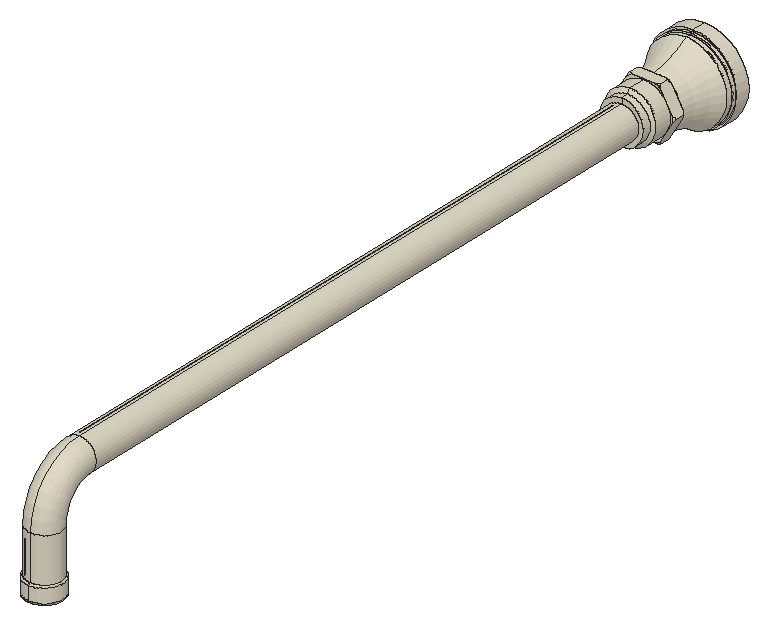
Revit family "Reece_Shower_Kado_Era_Shower Arm_Wall Straight", category Plumbing Fixtures, Revit 2018
Family settings
  Round Connector Dimension = Use Diameter
  Part Type = Normal
  Work Plane-Based = Yes
  Always vertical = Yes
  Cut with Voids When Loaded = Yes
  Shared = Yes
  Room Calculation Point = Yes
Parameters (values of type "Brass Gold")
  URL = "www.reece.com.au/product/-4200393"
  Type Comments = "Shower"
  Reece_Shower_Reach = 60 mm  # constant formula
  Reece_Product_Web Page = "www.reece.com.au/product/-4200393"
  Reece_Product_Type = "Shower"  # constant formula
  Reece_Product_Sub Brand = "Era"  # constant formula
  Reece_Product_Number = "4200393"
  Reece_Product_Mount = "Wall Mounted"
  Reece_Product_Description = "Kado Era Wall Straight Shower Arm 450mm Brass Gold (4 Star)"
  Reece_Product_Brand = "Kado"  # constant formula
  Reece_Overall_Length = 470 mm  # constant formula
  Reece_Overall_Diameter = 50 mm  # constant formula
  Reece_Material_Main = Reece_Brass_Gold
  Reece_Height_From_Level [instance] = 1200 mm
  Reece_Detail_Shape = ""
  Reece_Detail_Installation = ""
  Reece_Detail_Disclaimer = "THIS FILE IS THE PROPERTY OF THE REECE GROUP. IT MAY NOT BE REPRODUCED, REVERSE-ENGINEERED OR MODIFIED. ANY REPUBLICATION, TRANSMISSION OR DISTRIBUTION FOR THE PURPOSE OF COMMERCIALLY EXPLOITING THE FILES IS PROHIBITED."  # constant formula
  Reece_Detail_Connector = ""
  Reece_Detail_Additional = "Wall Straight"  # constant formula
  Model = "Era"
  Manufacturer = "Kado"
  Keynote = "Product #4200393, Reece_Shower_Kado_Era_Shower Arm_Wall Straight - Brass Gold"
  Disclaimer = "THIS FILE IS THE PROPERTY OF THE REECE GROUP. IT MAY NOT BE REPRODUCED, REVERSE-ENGINEERED OR MODIFIED. ANY REPUBLICATION, TRANSMISSION OR DISTRIBUTION FOR THE PURPOSE OF COMMERCIALLY EXPLOITING THE FILES IS PROHIBITED."  # constant formula
  Description = "Kado Era Wall Straight Shower Arm 470mm Brass Gold"
  Default Elevation = 0 mm
Types (4, lengths in mm): name | URL | Reece_Product_Web Page | Reece_Product_Number | Reece_Product_Description | Reece_Material_Main | Keynote | Description
  Brass Gold | "www.reece.com.au/product/-4200393" | "www.reece.com.au/product/-4200393" | "4200393" | "Kado Era Wall Straight Shower Arm 450mm Brass Gold (4 Star)" | Reece_Brass_Gold | "Product #4200393, Reece_Shower_Kado_Era_Shower Arm_Wall Straight - Brass Gold" | "Kado Era Wall Straight Shower Arm 470mm Brass Gold"
  Chrome | "www.reece.com.au/product/-4200394" | "www.reece.com.au/product/-4200394" | "4200394" | "Kado Era Wall Straight Shower Arm 450mm Chrome (4 Star)" | Reece_Brass_Chrome | "Product #4200394, Reece_Shower_Kado_Era_Shower Arm_Wall Straight - Chrome" | "Kado Era Wall Straight Shower Arm 470mm Chrome"
  Matte Black | "www.reece.com.au/product/-4200395" | "www.reece.com.au/product/-4200395" | "4200395" | "Kado Era Wall Straight Shower Arm 450mm Matte Black (4 Star)" | Reece_Brass_Matte Black | "Product #4200395, Reece_Shower_Kado_Era_Shower Arm_Wall Straight - Matte Black" | "Kado Era Wall Straight Shower Arm 470mm Matte Black"
  Brushed Nickel | "www.reece.com.au/product/-9512102" | "www.reece.com.au/product/-9512102" | "9512102" | "Kado Era Wall Straight Shower Arm 450mm Brushed Nickel (4 Star)" | Reece_Brass_Brushed Nickel | "Product #9512102, Reece_Shower_Kado_Era_Shower Arm_Wall Straight - Brushed Nickel" | "Kado Era Wall Straight Shower Arm 470mm Brushed Nickel (4 Star)"
Reference planes
  plane 1 "Center (Front/Back)": y = 0
  plane 2 "Height From Floor": z = 1200
  plane 3 "Center (Left/Right)": x = 0
  plane 4 "Bottom Of Invisible Line": z = -5
  plane 5: x = -25.205
  plane 6: x = 24.795
  plane 7: y = -470
  plane 8: z = 1140
Forms (mm)
  Sweep 1, solid, material "Reece_Brass_Gold" <- "Reece_Material_Main"
    path origin (0, 0, 1200) x (0, 0, 1) y (0, -1, 0)
      loop
        line (0, 59) -> (0, 445)
        arc (0, 445) -> (-7.322, 462.678) -> (-25, 470) r 25
        line (-25, 470) -> (-51.112, 470)
    profile origin (0, -252, 1200) x (0, 0, -1) y (1, 0, 0)
      loop
        circle (0, 0) r 9.5
      loop
        circle (0, 0) r 8.5
  Revolve 2, solid, material "Reece_Brass_Gold" <- "Reece_Material_Main"
    sketch origin (0, 0, 1200) x (0, 0, 1) y (0, -1, 0)
      loop
        line (-50.357, 470) -> (-50.357, 479.914)
        arc (-50.357, 479.914) -> (-50.585, 480.464) -> (-51.135, 480.691) r 0.778
        line (-51.135, 480.691) -> (-59.2, 480.691)
        arc (-59.2, 480.691) -> (-59.765, 480.457) -> (-59.999, 479.892) r 0.799
        line (-59.999, 479.892) -> (-59.028, 479.892) -> (-59.028, 470) -> (-50.357, 470)
      axis (-50.357, 470) -> (-59.999, 470)
    angle from 0 to 360
  Revolve 3, solid, material "Reece_Brass_Gold" <- "Reece_Material_Main"
    sketch origin (0, 0, 0) x (0, 1, 0) y (0, 0, 1)
      loop
        line (0, 1200) -> (0, 1225) -> (-8, 1225) -> (-8, 1224) -> (-10, 1224) -> (-10, 1223.2) -> (-12.8, 1223.2)
        arc (-12.8, 1223.2) -> (-23.351, 1217.474) -> (-35.063, 1214.841) r 43.621
        line (-35.063, 1214.841) -> (-35.063, 1212) -> (-36.063, 1212) -> (-36.063, 1216.607) -> (-37.024, 1217.568) -> (-42.101, 1217.568) -> (-43.062, 1216.607) -> (-43.062, 1214.782) -> (-52.863, 1214.782) -> (-54.563, 1212.5) -> (-59, 1212.5) -> (-59, 1200) -> (0, 1200)
      axis (0, 1200) -> (-59, 1200)
    angle from 0 to 360
  Extrusion 4, solid
    sketch origin (0, 0, 0) x (1, 0, 0) y (0, 0, 1)
      loop
        circle (0, 1200) r 10
    from 0 to 3.162
  Extrusion 5, void
    sketch origin (0, 0.961, 1200) x (1, 0, 0) y (0, 0, 1)
      loop
        line (-8.784, 15.214) -> (-17.568, 0) -> (-8.784, -15.214) -> (8.784, -15.214) -> (17.568, 0) -> (8.784, 15.214) -> (-8.784, 15.214)
      loop
        circle (0, 0) r 19.439
    from 37.024 to 44.024
Cuts and joins
  Extrusion 5 cuts Sweep 1
  Extrusion 5 cuts Revolve 3
  joined: Sweep 1, Revolve 2, Revolve 3
Lines and regions (mm)
  model lines, style "InvisibleLines"
    curve 1: line (0, 0, -5) -> (0, 0, 1200)
Text (mm)
  text "Reece ©" at (2358.539, -2170.843, 3487.43), in view "Reece Preview"
  text "Reece Copyright © 2018, Reece Ltd." at (74.474, -416.418, 0), in view "Ref. Level"
Dimensions and locks
  level to plane 2 "Height From Floor" = 1200 mm
  locked: level to plane 4 "Bottom Of Invisible Line" at 5
  "Reece_Height_From_Level": plane 2 "Height From Floor" to level
  "Reece_Overall_Diameter": plane 5 to plane 6
  "Reece_Overall_Length": plane 7 to plane 1 "Center (Front/Back)"
  plane 5 to plane 6 = 50 mm  (x2)
  plane 2 "Height From Floor" to level = 1200 mm
  "Reece_Overall_Length": plane 1 "Center (Front/Back)" to plane 7
  "Reece_Shower_Reach": plane 8 to plane 2 "Height From Floor"
  plane 8 to plane 2 "Height From Floor" = 60 mm
  plane 2 "Height From Floor" to plane 8 = 60 mm
  aligned and locked: plane 2 "Height From Floor" to curve 1
  aligned and locked: plane 4 "Bottom Of Invisible Line" to curve 1
  aligned and locked: plane 3 "Center (Left/Right)" to curve 1
Automatic sketch dimensions
  Sweep 1 sketch curve to Sweep 1 sketch curve = 0 mm  (x2)
  Sweep 1 sketch curve to profile plane = 0 mm  (x2)
  Revolve 3 sketch curve to plane 2 "Height From Floor" = 0 mm  (x2)
  Revolve 3 sketch curve to plane 1 "Center (Front/Back)" = 0 mm  (x2)
  plane 1 "Center (Front/Back)" to Revolve 3 sketch curve = 8 mm
  Revolve 3 sketch curve to Revolve 3 sketch curve = 2 mm
  Revolve 3 sketch curve to Revolve 3 sketch curve = 2.8 mm
  Revolve 3 sketch curve to Revolve 3 sketch curve = 22.262 mm
  plane 2 "Height From Floor" to Revolve 3 sketch curve = 16.607 mm  (x2)
  Revolve 3 sketch curve to Revolve 3 sketch curve = 1 mm  (x2)
  Revolve 3 sketch curve to Revolve 3 sketch curve = 0.961 mm  (x3)
  plane 1 "Center (Front/Back)" to Revolve 3 sketch curve = 38.683 mm
  Revolve 3 sketch curve to Revolve 3 sketch curve = 5.078 mm
  Revolve 3 sketch curve to Revolve 3 sketch curve = 9.8 mm
  Revolve 3 sketch curve to Revolve 3 sketch curve = 1.7 mm
  Revolve 3 sketch curve to Revolve 3 sketch curve = 4.438 mm
  Revolve 3 sketch curve to Revolve 3 sketch curve = 4.607 mm
  Revolve 3 sketch curve to Revolve 3 sketch curve = 4.107 mm
  Revolve 3 sketch curve to Revolve 3 sketch curve = 2.282 mm
  Revolve 3 sketch curve to Revolve 3 sketch curve = 2.841 mm
  plane 2 "Height From Floor" to Revolve 3 sketch curve = 23.2 mm
  Revolve 3 sketch curve to Revolve 3 sketch curve = 0.8 mm
  Revolve 3 sketch curve to Revolve 3 sketch curve = 21 mm
  Extrusion 4 sketch curve to plane 2 "Height From Floor" = 0 mm
  Extrusion 4 sketch curve to plane 3 "Center (Left/Right)" = 0 mm
  Extrusion 5 sketch curve to plane 2 "Height From Floor" = 0 mm  (x3)
  Extrusion 5 sketch curve to plane 3 "Center (Left/Right)" = 0 mm
  Extrusion 5 sketch curve to plane 3 "Center (Left/Right)" = 8.784 mm  (x2)
  Extrusion 5 sketch curve to plane 5 = 7.637 mm
  plane 3 "Center (Left/Right)" to Extrusion 5 sketch curve = 8.784 mm  (x2)
  plane 6 to Extrusion 5 sketch curve = 7.226 mm
  Extrusion 5 sketch curve to plane 2 "Height From Floor" = 15.214 mm
  plane 2 "Height From Floor" to Extrusion 5 sketch curve = 15.214 mm
  Sweep 1 sketch curve to plane 7 = 0 mm
  Sweep 1 sketch curve to plane 2 "Height From Floor" = 0 mm
  Sweep 1 sketch curve to plane 2 "Height From Floor" = 25 mm
  Sweep 1 sketch curve to plane 8 = 8.888 mm
  plane 1 "Center (Front/Back)" to Sweep 1 sketch curve = 59 mm
  Revolve 2 sketch curve to plane 7 = 0 mm  (x2)
  Revolve 2 sketch curve to plane 8 = 0.001 mm
  Revolve 2 sketch curve to plane 8 = 0.972 mm
  Revolve 2 sketch curve to Revolve 2 sketch curve = 7.894 mm
  plane 7 to Revolve 2 sketch curve = 9.892 mm
  Revolve 2 sketch curve to Revolve 2 sketch curve = 0.021 mm
  plane 8 to Revolve 2 sketch curve = 2.415 mm
  Revolve 2 sketch curve to Revolve 2 sketch curve = 2.942 mm
  Revolve 2 sketch curve to Revolve 2 sketch curve = 0.172 mm
  radius of Sweep 1 sketch curve = 9.5 mm
  radius of Sweep 1 sketch curve = 8.5 mm
  radius of Extrusion 4 sketch curve = 10 mm
  radius of Extrusion 5 sketch curve = 19.439 mm
Connectors
  piping at (0, 0, 1200), diameter 20
    settings: on Extrusion 4, index 1, connector inside diameter 609.6 mm, connector length 0 mm, flow factor 0, pipe flow 0.0 L/s, pressure drop 0.0 Pa, fitting loss kfactor 0, connector angle 0.00°, fixture units 0, engagement length 0 mm, angle of deflection 0.00°, flow configuration 0, flow direction 1, fitting loss method 0, system type 29, joint type 0, gender type 0, connector reference index -1, connector utility 0, adjustable connector no, is connector primary yes, connector description ""
